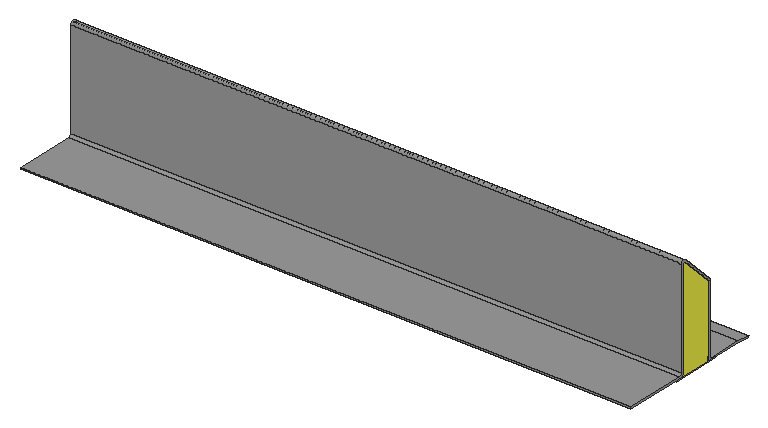
Revit family "XHD K 70 WIL", category Generic Models, Revit 2014
Parameters (values of type "Max lintel length 2100mm")
  URL = "http://www.keystonelintels.co.uk"
  Structural Opening [instance] = 900 mm
  Structural Performance = "The Keystone lintel range has safe working loads as detailed in each applicable loading table in the Keystone Lintel Guide brochure. The structural performance figures within each table have been ascertained by testing in accordance with the requirements of standards BS EN 5977-2: 1983 and BS EN 845-2: 2003."
  RIBA Productor Selector = "available for Keystone Lintels Ltd from Keystone Lintels Ltd from ribaproductselector.com"
  Model = "XHD/K 70 WIL"
  Min Length = 600 mm
  Min Clear Span = 300 mm
  Max Length = 2100 mm
  Max Clear Span = 2100 mm
  Material - Stainless Steel = "Grade 304 2b 1.4307 to BS EN 10088-2. Other grades available on request: contact manufacturer."
  Material - Galvanised Steel = "To BS EN 10346: 2009. DX51D plus Z600 or grade Z275 to BS 5977-2: 1983 (BS EN 845-2: 2003)."
  Manufacturer = "Keystone"
  Manufactured Length [instance] = (roundup(Effective Length / 150 mm) * 150 mm)  # 1200 mm
  Lintel height [instance] = 2100 mm
  Keynote = "F30/755"
  Fire Performance = "Keystone lintels have been subjected to a fire test (WARRES No. 101263) in accordance with BS 476-20: 1987, at Exova Warrington Fire and achieved a one hour fire performance."
  End Bearing = 150 mm
  Effective Length [instance] = Clear Opening with MIN MAX set + End Bearing * 2  # 1200 mm
  Corrosion = "Keystone’s standard range of lintels are manufactured from high quality grade pre-galvanized carbon steel with a zinc coating of 600"
  Contact Tel = "+44 (0)28 8676 2184"
  Contact Email = "info@keystonelintels.co.uk"
  Clear Opening with MIN MAX set [instance] = if(Structural Opening < Min Clear Span, Min Clear Span, (if(Structural Opening > Max Clear Span, Max Clear Span, Structural Opening)))  # 900 mm
  CPD Information = "Available for Keystone Lintels Ltd from ribacpd.com"
Reference planes
  plane 1 "Center (Front/Back)": y = 0
  plane 2: z = 0
  plane 3 "Center (Left/Right)": x = 0
  plane 4: x = -600
  plane 5: x = 600
  plane 6: z = 2100
  plane 7: x = -450
  plane 8: x = 450
Forms (mm)
  Extrusion 1, solid, material "Steel"
    sketch origin (0, 700.571, -508.221) x (0, 1, 0) y (0, 0, 1)
      loop
        line (-598.045, 2608.221) -> (-573.103, 2607.309) -> (-572.986, 2610.506) -> (-597.986, 2611.421) -> (-662.986, 2611.421)
        arc (-662.986, 2611.421) -> (-666.522, 2612.886) -> (-667.986, 2616.421) r 5
        line (-667.986, 2616.421) -> (-667.986, 2750.375)
        arc (-667.986, 2750.375) -> (-668.381, 2752.363) -> (-669.507, 2754.049) r 5.2
        line (-669.507, 2754.049) -> (-727.107, 2811.735)
        arc (-727.107, 2811.735) -> (-732.774, 2812.866) -> (-735.986, 2808.061) r 5.2
        line (-735.986, 2808.061) -> (-735.986, 2616.421)
        arc (-735.986, 2616.421) -> (-737.451, 2612.886) -> (-740.986, 2611.421) r 5
        line (-740.986, 2611.421) -> (-860.986, 2611.421) -> (-860.986, 2608.221) -> (-740.986, 2608.221)
        arc (-740.986, 2608.221) -> (-735.188, 2610.623) -> (-732.786, 2616.421) r 8.2
        line (-732.786, 2616.421) -> (-732.786, 2808.061)
        arc (-732.786, 2808.061) -> (-731.551, 2809.909) -> (-729.371, 2809.474) r 2
        line (-729.371, 2809.474) -> (-671.771, 2751.788)
        arc (-671.771, 2751.788) -> (-671.338, 2751.14) -> (-671.186, 2750.375) r 2
        line (-671.186, 2750.375) -> (-671.186, 2616.421)
        arc (-671.186, 2616.421) -> (-668.784, 2610.623) -> (-662.986, 2608.221) r 8.2
        line (-662.986, 2608.221) -> (-598.045, 2608.221)
    from -600 to 600
  Extrusion 2, solid, material "Steel"
    sketch origin (0, 700.571, -508.221) x (0, 1, 0) y (0, 0, 1)
      loop
        line (-654.486, 2607.221) -> (-654.486, 2608.221) -> (-671.486, 2608.221) -> (-671.486, 2616.221) -> (-672.486, 2616.221) -> (-672.486, 2608.221) -> (-749.486, 2608.221) -> (-749.486, 2607.221) -> (-654.486, 2607.221)
    from -600 to 600
  Extrusion 3, solid, material "Insulation"
    sketch origin (0, 700.571, -508.221) x (0, 1, 0) y (0, 0, 1)
      loop
        line (-671.186, 2616.421) -> (-671.186, 2750.375)
        arc (-671.186, 2750.375) -> (-671.338, 2751.14) -> (-671.771, 2751.788) r 2
        line (-671.771, 2751.788) -> (-729.371, 2809.474)
        arc (-729.371, 2809.474) -> (-731.551, 2809.909) -> (-732.786, 2808.061) r 2
        line (-732.786, 2808.061) -> (-732.786, 2616.421)
        arc (-732.786, 2616.421) -> (-735.188, 2610.623) -> (-740.986, 2608.221) r 8.2
        line (-740.986, 2608.221) -> (-672.486, 2608.221) -> (-672.486, 2616.221) -> (-671.486, 2616.221) -> (-671.486, 2608.221) -> (-662.986, 2608.221)
        arc (-662.986, 2608.221) -> (-668.784, 2610.623) -> (-671.186, 2616.421) r 8.2
    from -600 to 600
  Extrusion 4, solid, not visible
    sketch origin (0, 1017.27, 1267.507) x (0, 1, 0) y (0, 0, 1)
      loop
        line (-598.045, 1008.221) -> (-573.103, 1007.309) -> (-572.986, 1010.506) -> (-597.986, 1011.421) -> (-662.986, 1011.421)
        arc (-662.986, 1011.421) -> (-666.522, 1012.886) -> (-667.986, 1016.421) r 5
        line (-667.986, 1016.421) -> (-667.986, 1150.375)
        arc (-667.986, 1150.375) -> (-668.381, 1152.363) -> (-669.507, 1154.049) r 5.2
        line (-669.507, 1154.049) -> (-727.107, 1211.735)
        arc (-727.107, 1211.735) -> (-732.774, 1212.866) -> (-735.986, 1208.061) r 5.2
        line (-735.986, 1208.061) -> (-735.986, 1016.421)
        arc (-735.986, 1016.421) -> (-737.451, 1012.886) -> (-740.986, 1011.421) r 5
        line (-740.986, 1011.421) -> (-860.986, 1011.421) -> (-860.986, 1008.221) -> (-740.986, 1008.221)
        arc (-740.986, 1008.221) -> (-735.188, 1010.623) -> (-732.786, 1016.421) r 8.2
        line (-732.786, 1016.421) -> (-732.786, 1208.061)
        arc (-732.786, 1208.061) -> (-731.551, 1209.909) -> (-729.371, 1209.474) r 2
        line (-729.371, 1209.474) -> (-671.771, 1151.788)
        arc (-671.771, 1151.788) -> (-671.338, 1151.14) -> (-671.186, 1150.375) r 2
        line (-671.186, 1150.375) -> (-671.186, 1016.421)
        arc (-671.186, 1016.421) -> (-668.784, 1010.623) -> (-662.986, 1008.221) r 8.2
        line (-662.986, 1008.221) -> (-598.045, 1008.221)
    from 0 to 250
  Extrusion 5, solid, not visible
    sketch origin (0, 661.805, 1390.183) x (0, 1, 0) y (0, 0, 1)
      loop
        line (-671.186, 1016.421) -> (-671.186, 1150.375)
        arc (-671.186, 1150.375) -> (-671.338, 1151.14) -> (-671.771, 1151.788) r 2
        line (-671.771, 1151.788) -> (-729.371, 1209.474)
        arc (-729.371, 1209.474) -> (-731.551, 1209.909) -> (-732.786, 1208.061) r 2
        line (-732.786, 1208.061) -> (-732.786, 1016.421)
        arc (-732.786, 1016.421) -> (-735.188, 1010.623) -> (-740.986, 1008.221) r 8.2
        line (-740.986, 1008.221) -> (-672.486, 1008.221) -> (-672.486, 1016.221) -> (-671.486, 1016.221) -> (-671.486, 1008.221) -> (-662.986, 1008.221)
        arc (-662.986, 1008.221) -> (-668.784, 1010.623) -> (-671.186, 1016.421) r 8.2
    from 0 to 250
  Extrusion 6, solid, not visible
    sketch origin (0, 831.081, 1051.809) x (0, 1, 0) y (0, 0, 1)
      loop
        line (-654.486, 1007.221) -> (-654.486, 1008.221) -> (-671.486, 1008.221) -> (-671.486, 1016.221) -> (-672.486, 1016.221) -> (-672.486, 1008.221) -> (-749.486, 1008.221) -> (-749.486, 1007.221) -> (-654.486, 1007.221)
    from 0 to 250
Dimensions and locks
  equal spacing: plane 4, plane 3 "Center (Left/Right)", plane 5
  "Manufactured Length": plane 4 to plane 5
  "Lintel height": plane 6 to level
  "Structural Opening": plane 7 to plane 8
  equal spacing: plane 7, plane 3 "Center (Left/Right)", plane 8
  aligned and locked: level to plane 2
  aligned and locked: Extrusion 1 to plane 6
  aligned and locked: Extrusion 3 to plane 6
  aligned and locked: plane 6 to Extrusion 2
  aligned and locked: plane 5 to Extrusion 1
  aligned and locked: Extrusion 1 to plane 4
  aligned and locked: plane 5 to Extrusion 3
  aligned and locked: Extrusion 3 to plane 4
  aligned and locked: plane 5 to Extrusion 2
  aligned and locked: Extrusion 2 to plane 4
Automatic sketch dimensions
  Extrusion 1 sketch curve to Extrusion 1 sketch curve = 64.941 mm
  Extrusion 1 sketch curve to Extrusion 1 sketch curve = 0.913 mm
  Extrusion 1 sketch curve to Extrusion 1 sketch curve = 0.059 mm
  Extrusion 1 sketch curve to Extrusion 1 sketch curve = 0.117 mm
  Extrusion 1 sketch curve to Extrusion 1 sketch curve = 3.198 mm
  Extrusion 1 sketch curve to Extrusion 1 sketch curve = 5 mm  (x2)
  Extrusion 1 sketch curve to Extrusion 1 sketch curve = 0 mm  (x17)
  Extrusion 1 sketch curve to Extrusion 1 sketch curve = 133.954 mm
  Extrusion 1 sketch curve to Extrusion 1 sketch curve = 2 mm
  Extrusion 1 sketch curve to Extrusion 1 sketch curve = 0.585 mm
  Extrusion 1 sketch curve to Extrusion 1 sketch curve = 57.6 mm
  Extrusion 1 sketch curve to Extrusion 1 sketch curve = 57.686 mm
  Extrusion 1 sketch curve to Extrusion 1 sketch curve = 2.264 mm  (x2)
  Extrusion 1 sketch curve to Extrusion 1 sketch curve = 2.261 mm
  Extrusion 1 sketch curve to Extrusion 1 sketch curve = 1.415 mm
  Extrusion 1 sketch curve to Extrusion 1 sketch curve = 1.413 mm
  Extrusion 1 sketch curve to Extrusion 1 sketch curve = 120 mm
  Extrusion 2 sketch curve to Extrusion 2 sketch curve = 95 mm
  Extrusion 2 sketch curve to Extrusion 2 sketch curve = 1 mm  (x2)
  Extrusion 2 sketch curve to Extrusion 2 sketch curve = 17 mm
  Extrusion 2 sketch curve to Extrusion 2 sketch curve = 8 mm
  Extrusion 2 sketch curve to Extrusion 2 sketch curve = 0 mm
  Extrusion 3 sketch curve to Extrusion 3 sketch curve = 8.2 mm  (x3)
  Extrusion 3 sketch curve to Extrusion 3 sketch curve = 0.3 mm
  Extrusion 3 sketch curve to Extrusion 3 sketch curve = 0 mm  (x3)
  Extrusion 3 sketch curve to Extrusion 3 sketch curve = 0.2 mm
  Extrusion 3 sketch curve to Extrusion 3 sketch curve = 133.954 mm
  Extrusion 3 sketch curve to Extrusion 3 sketch curve = 1 mm
  Extrusion 3 sketch curve to Extrusion 3 sketch curve = 68.5 mm
  Extrusion 3 sketch curve to Extrusion 3 sketch curve = 57.686 mm
  Extrusion 3 sketch curve to Extrusion 3 sketch curve = 2 mm
  Extrusion 3 sketch curve to Extrusion 3 sketch curve = 0.585 mm
  Extrusion 3 sketch curve to Extrusion 3 sketch curve = 3.415 mm
  Extrusion 3 sketch curve to Extrusion 3 sketch curve = 1.413 mm
  Extrusion 3 sketch curve to Extrusion 3 sketch curve = 8 mm
  Extrusion 4 sketch curve to Extrusion 4 sketch curve = 64.941 mm
  Extrusion 4 sketch curve to Extrusion 4 sketch curve = 0.913 mm
  Extrusion 4 sketch curve to Extrusion 4 sketch curve = 0.059 mm
  Extrusion 4 sketch curve to Extrusion 4 sketch curve = 0.117 mm
  Extrusion 4 sketch curve to Extrusion 4 sketch curve = 3.198 mm
  Extrusion 4 sketch curve to Extrusion 4 sketch curve = 5 mm  (x2)
  Extrusion 4 sketch curve to Extrusion 4 sketch curve = 0 mm  (x17)
  Extrusion 4 sketch curve to Extrusion 4 sketch curve = 133.954 mm
  Extrusion 4 sketch curve to Extrusion 4 sketch curve = 2 mm
  Extrusion 4 sketch curve to Extrusion 4 sketch curve = 0.585 mm
  Extrusion 4 sketch curve to Extrusion 4 sketch curve = 57.6 mm
  Extrusion 4 sketch curve to Extrusion 4 sketch curve = 57.686 mm
  Extrusion 4 sketch curve to Extrusion 4 sketch curve = 2.264 mm  (x2)
  Extrusion 4 sketch curve to Extrusion 4 sketch curve = 2.261 mm
  Extrusion 4 sketch curve to Extrusion 4 sketch curve = 1.415 mm
  Extrusion 4 sketch curve to Extrusion 4 sketch curve = 1.413 mm
  Extrusion 4 sketch curve to Extrusion 4 sketch curve = 120 mm
  Extrusion 5 sketch curve to Extrusion 5 sketch curve = 8.2 mm  (x3)
  Extrusion 5 sketch curve to Extrusion 5 sketch curve = 0.3 mm
  Extrusion 5 sketch curve to Extrusion 5 sketch curve = 0 mm  (x3)
  Extrusion 5 sketch curve to Extrusion 5 sketch curve = 0.2 mm
  Extrusion 5 sketch curve to Extrusion 5 sketch curve = 133.954 mm
  Extrusion 5 sketch curve to Extrusion 5 sketch curve = 1 mm
  Extrusion 5 sketch curve to Extrusion 5 sketch curve = 68.5 mm
  Extrusion 5 sketch curve to Extrusion 5 sketch curve = 57.686 mm
  Extrusion 5 sketch curve to Extrusion 5 sketch curve = 2 mm
  Extrusion 5 sketch curve to Extrusion 5 sketch curve = 0.585 mm
  Extrusion 5 sketch curve to Extrusion 5 sketch curve = 3.415 mm
  Extrusion 5 sketch curve to Extrusion 5 sketch curve = 1.413 mm
  Extrusion 5 sketch curve to Extrusion 5 sketch curve = 8 mm
  Extrusion 6 sketch curve to Extrusion 6 sketch curve = 95 mm
  Extrusion 6 sketch curve to Extrusion 6 sketch curve = 1 mm  (x2)
  Extrusion 6 sketch curve to Extrusion 6 sketch curve = 17 mm
  Extrusion 6 sketch curve to Extrusion 6 sketch curve = 8 mm
  Extrusion 6 sketch curve to Extrusion 6 sketch curve = 0 mm
  Extrusion 3 sketch curve to plane 6 = 0 mm
  plane 1 "Center (Front/Back)" to Extrusion 3 sketch curve = 40.415 mm
  Extrusion 1 sketch curve to plane 6 = 0 mm
  plane 1 "Center (Front/Back)" to Extrusion 1 sketch curve = 160.415 mm
  Extrusion 2 sketch curve to plane 6 = 0 mm
  plane 1 "Center (Front/Back)" to Extrusion 2 sketch curve = 48.915 mm
